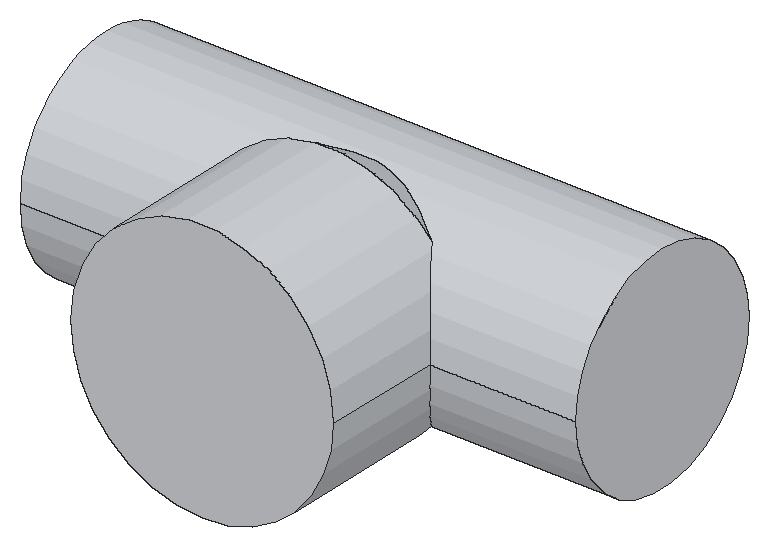
Revit family "Transição do tê - CPVC - HW", category Conexões de tubo, Revit 2019
Family settings
  Cota do conector redondo = Usar raio
  Tipo de parte = Tê
  Com base no plano de trabalho = Não
  Sempre na vertical = Sim
  Corte com vazios quando carregada = Não
  Compartilhado = Não
Parameters (values of type "Padrão")
  Tamanho da marca de cota 2 [instance] = 0.4 * Diâmetro externo do soquete  # 8.80 mm
  Tamanho da marca de cota 1 [instance] = 0.4 * Diâmetro externo da conexão  # 7.20 mm
  Raio externo do soquete [instance] = Diâmetro externo do soquete / 2  # 11.00 mm
  Nome da tabela de pesquisa = "BR_Tee Transition - CPVC - HW"
  Comprimento [instance] = Tamanho da marca de cota 1 * 0.8  # 5.76 mm
  Raio externo da conexão [instance] = Diâmetro externo da conexão / 2  # 9.00 mm
  Diâmetro externo do soquete [instance] = size_lookup(Nome da tabela de pesquisa, "SOD", 1.0319 * Diâmetro nominal 2 + 7.00 mm, Diâmetro nominal 2)  # 22.00 mm
  Diâmetro externo da conexão [instance] = size_lookup(Nome da tabela de pesquisa, "FOD", 1.1475 * Diâmetro nominal 1 + 0.30 mm, Diâmetro nominal 1)  # 18.00 mm
  Raio nominal 2 [instance] = 7.50 mm
  Raio nominal 1 [instance] = 7.50 mm
  Diâmetro nominal 2 [instance] = Raio nominal 2 * 2  # 15.00 mm
  Diâmetro nominal 1 [instance] = Raio nominal 1 * 2  # 15.00 mm
  Model = ""
  Manufacturer = ""
  Loss Method = 1
  Tabela de coeficiente K = "T rosqueado"
  Extremidade do meio para o trecho da extremidade [instance] = Extremidade para o trecho da extremidade / 2  # 23.25 mm
  Legenda da extremidade do meio para o trecho da extremidade [instance] = if(Extremidade do meio para o trecho da extremidade < Legenda do centro para a ramificação de extremidade * cos(Ângulo 1) + Raio externo do soquete * sin(Ângulo 1), Legenda do centro para a ramificação de extremidade * cos(Ângulo 1) + Raio externo do soquete * sin(Ângulo 1), Extremidade do meio para o trecho da extremidade)  # 23.25 mm
  Extremidade para o trecho da extremidade [instance] = size_lookup(Nome da tabela de pesquisa, "EtER", 2.1 * Diâmetro nominal 1 + 15.00 mm, Diâmetro nominal 1, Diâmetro nominal 2)  # 46.50 mm
  Description = ""
  Legenda do centro para a ramificação de extremidade [instance] = if(Centro para a ramificação de extremidade * sin(Ângulo 1) - Raio externo do soquete * cos(Ângulo 1) < Raio externo da conexão, (Raio externo da conexão + Raio externo do soquete * cos(Ângulo 1)) / sin(Ângulo 1), Centro para a ramificação de extremidade)  # 19.00 mm
  Centro para a ramificação de extremidade [instance] = size_lookup(Nome da tabela de pesquisa, "CtEB", 0.5 * Diâmetro nominal 1 + 0.5 * Diâmetro nominal 2 + 4.00 mm, Diâmetro nominal 1, Diâmetro nominal 2)  # 19.00 mm
  Ângulo [instance] = 90.00°
  Ângulo 1 [instance] = if(Ângulo > 90.00°, 180.00° - Ângulo, Ângulo)  # 90.00°
Reference planes
  plane 1 "Centro (Frente/Trás)": y = 0
  plane 2: z = 0
  plane 3 "Centro (Esquerda/Direita)": x = 0
  plane 4: x = -23.25
  plane 5: x = 23.25
  plane 6: y = 7.2
  plane 7: y = -7.2
Forms (mm)
  Sweep 1, solid, detail levels fine
    path in 3D
      loop
        line (-23.25, 0, 0) -> (23.25, 0, 0)
    profile origin (0, 0, 0) x (0, 1, 0) y (0, 0, 1)
      loop
        circle (0, 0) r 9
  Sweep 2, solid, detail levels fine
    path origin (0, 0, 0) x (1, 0, 0) y (0, 1, 0)
      loop
        line (0, -19) -> (0, -5.76)
    profile origin (0, -12.38, 0) x (-1, 0, 0) y (0, 0, 1)
      loop
        circle (0, 0) r 11
  SweptBlend 3, solid, detail levels fine
    path in 3D
      loop
        line (0, 0, 0) -> (0, -5.76, 0)
    profile origin (0, 0, 0) x (1, 0, 0) y (0, 0, 1)
      loop
        circle (0, 0) r 7.5
    end profile origin (0, -5.76, 0) x (1, 0, 0) y (0, 0, 1)
      loop
        circle (0, 0) r 11
Cuts and joins
  joined: Sweep 1, Sweep 2, SweptBlend 3
Lines and regions (mm)
  model lines, detail levels coarse+medium
    curve 1: line (-23.25, 0, 0) -> (23.25, 0, 0)
    curve 3: line (0, 0, 0) -> (0, -19, 0)
    curve 4: line (-23.25, 7.2, 0) -> (-23.25, -7.2, 0)
    curve 5: line (23.25, 7.2, 0) -> (23.25, -7.2, 0)
    curve 6: line (0, -19, 0) -> (8.8, -19, 0)
    curve 7: line (0, -19, 0) -> (-8.8, -19, 0)
  sketch lines
    curve 2: line (-23.25, 0, 0) -> (23.25, 0, 0)
    curve 9: line (0, 0, 0) -> (0, -5.76, 0)
  reference lines
    curve 8: line (0, 0, 0) -> (0, -5.76, 0)
    curve 10: line (0, -5.76, 0) -> (-7.857, -5.76, 0)
Dimensions and locks
  "Legenda da extremidade do meio para o trecho da extremidade": plane 4 to plane 3 "Centro (Esquerda/Direita)"
  "Legenda da extremidade do meio para o trecho da extremidade": plane 3 "Centro (Esquerda/Direita)" to plane 5
  "Legenda do centro para a ramificação de extremidade": curve 3 to curve 3
  "Tamanho da marca de cota 1": plane 6 to plane 1 "Centro (Frente/Trás)"
  "Tamanho da marca de cota 1": plane 7 to plane 1 "Centro (Frente/Trás)"
  "Tamanho da marca de cota 2": curve 6 to curve 6
  "Tamanho da marca de cota 2": curve 7 to curve 7
  curve 10 to curve 8 = 7.857 mm
  "Comprimento": curve 8 to curve 8
  "Raio externo da conexão": radius of Sweep 1 sketch curve
  "Raio externo do soquete": radius of Sweep 2 sketch curve
  "Raio externo do soquete": radius of SweptBlend 3 sketch curve
  "Raio nominal 1": radius of SweptBlend 3 sketch curve
  "Ângulo": angle curve 3 to curve 1
  locked: curve 6 to curve 3 (angle 90.00°)
  locked: curve 3 to curve 7 (angle 90.00°)
  "Ângulo": angle curve 8 to plane 1 "Centro (Frente/Trás)"
  "Ângulo": angle Sweep 2 sketch curve to plane 1 "Centro (Frente/Trás)"
  angle curve 8 to curve 10 = 90.00°
  aligned and locked: plane 1 "Centro (Frente/Trás)" to curve 1
  aligned and locked: plane 1 "Centro (Frente/Trás)" to Sweep 1 sketch curve
  aligned and locked: plane 2 to Sweep 1 sketch curve
  aligned and locked: plane 3 "Centro (Esquerda/Direita)" to curve 3
  aligned and locked: plane 5 to curve 1
  aligned and locked: plane 4 to curve 1
  aligned and locked: plane 7 to curve 4
  aligned and locked: plane 6 to curve 4
  aligned and locked: curve 4 to plane 4
  aligned and locked: plane 6 to curve 5
  aligned and locked: plane 7 to curve 5
  aligned and locked: curve 5 to plane 5
  aligned and locked: curve 6 to Sweep 2 sketch curve
  aligned and locked: Sweep 2 sketch curve to curve 8
  aligned and locked: plane 1 "Centro (Frente/Trás)" to curve 8
  aligned and locked: plane 3 "Centro (Esquerda/Direita)" to curve 8
  aligned and locked: SweptBlend 3 to Sweep 2 sketch curve
Automatic sketch dimensions
  Sweep 2 sketch curve to level = 0.00 mm
  Sweep 2 sketch curve to profile plane = 0.00 mm
  profile plane to SweptBlend 3 sketch curve = 0.00 mm  (x2)
  SweptBlend 3 sketch curve to profile plane = 0.00 mm  (x2)
Connectors
  piping at (-23.25, 0, 0), diameter 15, driven by "Raio nominal 1"
    settings: on Sweep 1, index 1, connector inside diameter 15.00 mm, connector length 0.00 mm, flow factor 0, pipe flow 0.0 L/s, pressure drop 0.0 Pa, fitting loss kfactor 0, connector angle 0.00°, fixture units 0, engagement length 0.00 mm, angle of deflection 0.00°, flow configuration 0, flow direction 0, fitting loss method 0, system type 28, joint type 0, gender type 0, connector reference index 2, connector utility 0, adjustable connector no, is connector primary yes, connector description ""
  piping at (23.25, 0, 0), diameter 15, driven by "Raio nominal 1"
    settings: on Sweep 1, index 2, connector inside diameter 15.00 mm, connector length 0.00 mm, flow factor 0, pipe flow 0.0 L/s, pressure drop 0.0 Pa, fitting loss kfactor 0, connector angle 0.00°, fixture units 0, engagement length 0.00 mm, angle of deflection 0.00°, flow configuration 0, flow direction 0, fitting loss method 0, system type 28, joint type 0, gender type 0, connector reference index 1, connector utility 0, adjustable connector no, is connector primary no, connector description ""
  piping at (0, -19, 0), diameter 15, driven by "Raio nominal 2", driven by "Ângulo"
    settings: on Sweep 2, index 3, connector inside diameter 15.00 mm, connector length 0.00 mm, flow factor 0, pipe flow 0.0 L/s, pressure drop 0.0 Pa, fitting loss kfactor 0, connector angle 90.00°, fixture units 0, engagement length 0.00 mm, angle of deflection 0.00°, flow configuration 0, flow direction 0, fitting loss method 0, system type 28, joint type 0, gender type 0, connector reference index -1, connector utility 0, adjustable connector no, is connector primary no, connector description ""
